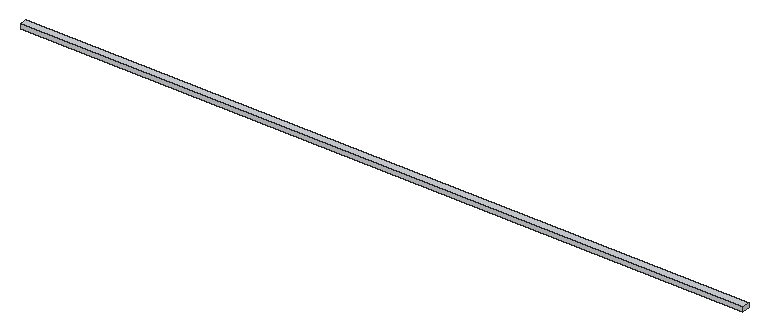
Revit family "SUPERBRILLOSA 3014 IP20_LC3014WW", category Luminarias, Revit 2019
Family settings
  Cota de conector redondo = Diámetro de uso
  Tipo de pieza = Normal
  Se basa en plano de trabajo = Sí
  Siempre vertical = No
  Corte con vacíos al cargar = No
  Origen de luz = Sí
  Compartido = No
  Punto de cálculo de habitación = No
Parameters (values of type "SUPERBRILLOSA 3014 IP20_LC3014WW")
  Tilt Angle = 60.00°
  Zone [instance] = ""
  Watt per fixture [instance] = (Longitud / 1000 mm) * (20.48)  # 20.48
  Wattage = 20.48 W
  built-in parameter 1150107 = 3000 (stored number, unit not read)
  built-in parameter 1150110 = 1 (stored number, unit not read)
  built-in parameter 1150109 = 1 (stored number, unit not read)
  built-in parameter 1150112 = 1 (stored number, unit not read)
  built-in parameter 1150113 = 1 (stored number, unit not read)
  built-in parameter 1114218 = 1 (stored number, unit not read)
  built-in parameter 1150137 = (empty or 0)
  built-in parameter 1150132 = (empty or 0)
  Modelo = "LC3014WW"
  Lámpara = "3014 SMD"
  Longitud de línea de emisión = 600 mm
  Longitud [instance] = 1000 mm
  built-in parameter 1150105 = 153.2 (stored number, unit not read)
  built-in parameter 1150102 = (empty or 0)
  built-in parameter 1150106 = 1.532 (stored number, unit not read)
  Lumens = 1925.12 lm
  Color Filter = 16777215
  built-in parameter 1114217 = 1 (stored number, unit not read)
  built-in parameter 1150139 = (empty or 0)
  Fabricante = "BRILLANT"
  Default Elevation = 0 mm
  built-in parameter 1150104 = 8.7329 (stored number, unit not read)
  Descripción = "TIRA LED SUPERBRILLOSA 10MM DE ANCHO IP20 USO PARA INTERIORES, DE PCB BLANCO SIN RECUBRIMIENTO, MONO CROMATICA, CON UNA POTENCIA DE 24.48W/M DE UN TIPO DE LED 3014 SMD, IRC80, 204 LEDS POR METRO, PRESENTACION DE 5M, TEMPERATURA EN BLANCO CALIDO 3000K, 2300 LUMENES POR METRO, EFICIENCIA DE 94 LM/W, CORTE A 3CM, ALIMENTADA A 24V, REQUIERE ACCESORIOS COMO FUENTE DE PODER Y CABLE DE ALIMENTACION. PERFIL EN CASO DE SER NECESARIO."
  built-in parameter 1150115 = 1 (stored number, unit not read)
  built-in parameter 1150114 = 1 (stored number, unit not read)
  Costo USD_LC3014 [instance] = (Longitud / 1000 mm) * (33)  # 33
  Cost = 0
  Comentarios de vataje = "24V"
  built-in parameter 1150138 = (empty or 0)
  built-in parameter 1150134 = (empty or 0)
  Circuit [instance] = ""
  Dimming Lamp Color Temperature Shift = (empty or 0)
  Archivo de red fotométrica = "LC3014WW.IES"
  Ancho = 10 mm
  built-in parameter 1150133 = 10 (stored number, unit not read)
Reference planes
  plane 1 "Centro (Frontal/Posterior)": y = 0
  plane 2: z = 0
  plane 3 "Centro (Izquierda/Derecha)": x = 0
  plane 4: x = 0
  plane 5: z = 12
  plane 6: x = -1000
  plane 7: y = 5
  plane 8: y = -5
Forms (mm)
  Extrusion 1, solid
    sketch origin (0, 0, 0) x (1, 0, 0) y (0, 1, 0)
      loop
        line (-1000, 5) -> (-1000, -5) -> (0, -5) -> (0, 5) -> (-1000, 5)
    from 0 to 6.038
Dimensions and locks
  "Longitud": plane 6 to plane 4
  equal spacing: plane 7, plane 1 "Centro (Frontal/Posterior)", plane 8
  plane 1 "Centro (Frontal/Posterior)" to plane 7 = 5 mm
  "Ancho": plane 7 to plane 8
  "Longitud": plane 6 to plane 3 "Centro (Izquierda/Derecha)"
  aligned and locked: level to plane 2
  aligned and locked: Extrusion 1 to plane 4
  aligned and locked: plane 6 to Extrusion 1
  aligned and locked: plane 3 "Centro (Izquierda/Derecha)" to Extrusion 1
  aligned and locked: Extrusion 1 to plane 7
  aligned and locked: Extrusion 1 to plane 8
Automatic sketch dimensions
  Extrusion 1 sketch curve to plane 6 = 0 mm
  Extrusion 1 sketch curve to plane 3 "Centro (Izquierda/Derecha)" = 0 mm
  plane 1 "Centro (Frontal/Posterior)" to Extrusion 1 sketch curve = 5 mm
  Extrusion 1 sketch curve to plane 1 "Centro (Frontal/Posterior)" = 5 mm
Connectors
  electrical at (0, 0, 3.019)
    settings: on Extrusion 1, index 1, voltage 24 V, apparent load 0 VA, apparent load phase1 0 VA, apparent load phase2 0 VA, apparent load phase3 0 VA, power factor 1, load classification "Otro", number of poles 1, system type 31, power factor state 1, is connector primary yes, connector utility no, sub classification motor no, connector description ""
